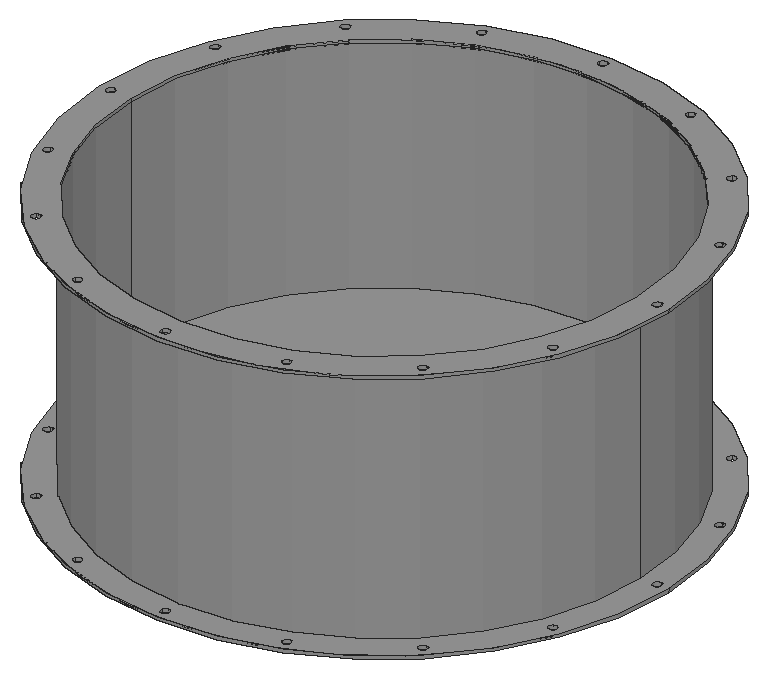
Revit family "КОМ-ВО", category Арматура воздуховодов, Revit 2021
Family settings
  Размер круглого соединителя = Использовать диаметр
  Тип детали = Присоединяется
  На основе рабочей плоскости = Нет
  Всегда вертикально = Да
  При загрузке вырезать с полостями = Нет
  Общий = Нет
Parameters (values of type "КОМ-ВО-900")
  Отметка по умолчанию = 0 mm
  Класифікація навантаження = "HVAC"
  Изготовитель = "Вентс"  # constant formula
  Діаметр = D2  # 1010 mm
  Довжина = L  # 450 mm
  Вага = 32.60 kg
  t = L - 5 mm  # 445 mm
  n = 16
  l = L / 2  # 225 mm
  d = 15 mm
  URL = "https://vents.ua/ua/series/kom-vo"
  R1 = D1 / 2  # 485 mm
  Матеріал зони обслуговуваня = none
  L = 450 mm
  Dy = 900 mm
  Dn = Dy + 10 mm  # 910 mm
  D2 = 1010 mm
  D1 = 970 mm
  Матеріал корпусу = Метал, пофарбований, синій, матовий RAL 5007
  09_Назва системи [instance] = ""
  00_20_Тип = "КОМ-ВО-900"
  00_20_Назва = "Зворотній клапан"
  00_20_Виробник = "Вентс"  # constant formula
Types (12, lengths in mm): name | Діаметр | Довжина | Вага | t | n | l | d | R1 | L | Dy | Dn | D2 | D1 | 00_20_Тип
  (no name) | 1010 | 450 | 32.60 kg | 445 | 16 | 225 | 15 | 485 | 450 | 900 | 910 | 1010 | 970 | "КОМ-ВО-900"
  КОМ-ВО-400 | 490 | 250 | 5.40 kg | 245 | 12 | 125 | 8 | 225 | 250 | 400 | 410 | 490 | 450 | "КОМ-ВО-400"
  КОМ-ВО-450 | 540 | 250 | 6.20 kg | 245 | 12 | 125 | 8 | 250 | 250 | 450 | 460 | 540 | 500 | "КОМ-ВО-450"
  КОМ-ВО-500 | 590 | 250 | 7.10 kg | 245 | 12 | 125 | 12 | 280 | 250 | 500 | 510 | 590 | 560 | "КОМ-ВО-500"
  КОМ-ВО-560 | 650 | 320 | 9.60 kg | 315 | 12 | 160 | 12 | 310 | 320 | 560 | 570 | 650 | 620 | "КОМ-ВО-560"
  КОМ-ВО-630 | 720 | 370 | 14.20 kg | 365 | 12 | 185 | 12 | 345 | 370 | 630 | 640 | 720 | 690 | "КОМ-ВО-630"
  КОМ-ВО-710 | 810 | 390 | 21.40 kg | 385 | 16 | 195 | 12 | 385 | 390 | 710 | 720 | 810 | 770 | "КОМ-ВО-710"
  КОМ-ВО-800 | 900 | 390 | 25.40 kg | 385 | 16 | 195 | 12 | 430 | 390 | 800 | 810 | 900 | 860 | "КОМ-ВО-800"
  КОМ-ВО-900 | 1010 | 450 | 32.60 kg | 445 | 16 | 225 | 15 | 485 | 450 | 900 | 910 | 1010 | 970 | "КОМ-ВО-900"
  КОМ-ВО-1000 | 1110 | 450 | 36.90 kg | 445 | 16 | 225 | 15 | 535 | 450 | 1000 | 1010 | 1110 | 1070 | "КОМ-ВО-1000"
  КОМ-ВО-1120 | 1260 | 540 | 59.50 kg | 535 | 20 | 270 | 15 | 595 | 540 | 1120 | 1130 | 1260 | 1190 | "КОМ-ВО-1120"
  КОМ-ВО-1250 | 1390 | 540 | 67.40 kg | 535 | 20 | 270 | 15 | 660 | 540 | 1250 | 1260 | 1390 | 1320 | "КОМ-ВО-1250"
Reference planes
  plane 1 "По центру (Вперед/Назад)": y = 0
  plane 2: z = 0
  plane 3 "По центру (Влево/Вправо)": x = 0
  plane 4: z = 450
  plane 5: z = 50
Forms (mm)
  Extrusion 1, solid, material "Метал, пофарбований, синій, матовий RAL 5007" <- "Матеріал корпусу"
    sketch origin (0, 0, 0) x (1, 0, 0) y (0, 1, 0)
      loop
        circle (0, 0) r 450
      loop
        circle (0, 0) r 505
    from 0 to 5
  Extrusion 2, void
    sketch origin (0, 263.787, 0) x (1, 0, 0) y (0, 1, 0)
      loop
        circle (0, 221.213) r 7.5
    from 0 to 5
  Extrusion 3, void
    sketch origin (100.947, 243.708, 0) x (0.92388, -0.382683, 0) y (0.382683, 0.92388, 0)
      loop
        circle (0, 221.213) r 7.5
    from 0 to 5
  Extrusion 4, void
    sketch origin (-100.947, 243.708, 0) x (0.92388, 0.382683, 0) y (-0.382683, 0.92388, 0)
      loop
        circle (0, 221.213) r 7.5
    from 0 to 5
  Extrusion 5, void
    sketch origin (-186.526, 186.526, 0) x (0.707107, 0.707107, 0) y (-0.707107, 0.707107, 0)
      loop
        circle (0, 221.213) r 7.5
    from 0 to 5
  Extrusion 6, void
    sketch origin (-243.708, 100.947, 0) x (0.382683, 0.92388, 0) y (-0.92388, 0.382683, 0)
      loop
        circle (0, 221.213) r 7.5
    from 0 to 5
  Extrusion 7, void
    sketch origin (-263.787, 0, 0) x (0, 1, 0) y (-1, 0, 0)
      loop
        circle (0, 221.213) r 7.5
    from 0 to 5
  Extrusion 8, void
    sketch origin (-243.708, -100.947, 0) x (-0.382683, 0.92388, 0) y (-0.92388, -0.382683, 0)
      loop
        circle (0, 221.213) r 7.5
    from 0 to 5
  Extrusion 9, void
    sketch origin (-186.526, -186.526, 0) x (-0.707107, 0.707107, 0) y (-0.707107, -0.707107, 0)
      loop
        circle (0, 221.213) r 7.5
    from 0 to 5
  Extrusion 10, void
    sketch origin (-100.947, -243.708, 0) x (-0.92388, 0.382683, 0) y (-0.382683, -0.92388, 0)
      loop
        circle (0, 221.213) r 7.5
    from 0 to 5
  Extrusion 11, void
    sketch origin (0, -263.787, 0) x (-1, 0, 0) y (0, -1, 0)
      loop
        circle (0, 221.213) r 7.5
    from 0 to 5
  Extrusion 12, void
    sketch origin (100.947, -243.708, 0) x (-0.92388, -0.382683, 0) y (0.382683, -0.92388, 0)
      loop
        circle (0, 221.213) r 7.5
    from 0 to 5
  Extrusion 13, void
    sketch origin (186.526, -186.526, 0) x (-0.707107, -0.707107, 0) y (0.707107, -0.707107, 0)
      loop
        circle (0, 221.213) r 7.5
    from 0 to 5
  Extrusion 14, solid, material "Метал, пофарбований, синій, матовий RAL 5007" <- "Матеріал корпусу"
    sketch origin (0, 0, 0) x (1, 0, 0) y (0, 1, 0)
      loop
        circle (0, 0) r 450
      loop
        circle (0, 0) r 455
    from 5 to 445 <- "t"
  Extrusion 15, solid, material "Метал, пофарбований, синій, матовий RAL 5007" <- "Матеріал корпусу"
    sketch origin (0, 0, 0) x (1, 0, 0) y (0, 1, 0)
      loop
        circle (0, 0) r 450
      loop
        circle (0, 0) r 505
    from 445 to 450
  Extrusion 16, void
    sketch origin (0, 263.053, 0) x (1, 0, 0) y (0, 1, 0)
      loop
        circle (0, 221.947) r 7.5
    from 445 <- "t" to 450 <- "L"
  Extrusion 17, void
    sketch origin (100.666, 243.03, 0) x (0.92388, -0.382683, 0) y (0.382683, 0.92388, 0)
      loop
        circle (0, 221.947) r 7.5
    from 445 <- "t" to 450 <- "L"
  Extrusion 18, void
    sketch origin (-100.666, 243.03, 0) x (0.92388, 0.382683, 0) y (-0.382683, 0.92388, 0)
      loop
        circle (0, 221.947) r 7.5
    from 445 <- "t" to 450 <- "L"
  Extrusion 19, void
    sketch origin (-186.007, 186.007, 0) x (0.707107, 0.707107, 0) y (-0.707107, 0.707107, 0)
      loop
        circle (0, 221.947) r 7.5
    from 445 <- "t" to 450 <- "L"
  Extrusion 20, void
    sketch origin (-243.03, 100.666, 0) x (0.382683, 0.92388, 0) y (-0.92388, 0.382683, 0)
      loop
        circle (0, 221.947) r 7.5
    from 445 <- "t" to 450 <- "L"
  Extrusion 21, void
    sketch origin (-263.053, 0, 0) x (0, 1, 0) y (-1, 0, 0)
      loop
        circle (0, 221.947) r 7.5
    from 445 <- "t" to 450 <- "L"
  Extrusion 22, void
    sketch origin (-243.03, -100.666, 0) x (-0.382683, 0.92388, 0) y (-0.92388, -0.382683, 0)
      loop
        circle (0, 221.947) r 7.5
    from 445 <- "t" to 450 <- "L"
  Extrusion 23, void
    sketch origin (-186.007, -186.007, 0) x (-0.707107, 0.707107, 0) y (-0.707107, -0.707107, 0)
      loop
        circle (0, 221.947) r 7.5
    from 445 <- "t" to 450 <- "L"
  Extrusion 24, void
    sketch origin (-100.666, -243.03, 0) x (-0.92388, 0.382683, 0) y (-0.382683, -0.92388, 0)
      loop
        circle (0, 221.947) r 7.5
    from 445 <- "t" to 450 <- "L"
  Extrusion 25, void
    sketch origin (0, -263.053, 0) x (-1, 0, 0) y (0, -1, 0)
      loop
        circle (0, 221.947) r 7.5
    from 445 <- "t" to 450 <- "L"
  Extrusion 26, void
    sketch origin (100.666, -243.03, 0) x (-0.92388, -0.382683, 0) y (0.382683, -0.92388, 0)
      loop
        circle (0, 221.947) r 7.5
    from 445 <- "t" to 450 <- "L"
  Extrusion 27, void
    sketch origin (186.007, -186.007, 0) x (-0.707107, -0.707107, 0) y (0.707107, -0.707107, 0)
      loop
        circle (0, 221.947) r 7.5
    from 445 <- "t" to 450 <- "L"
  Extrusion 28, void
    sketch origin (243.708, -100.947, 0) x (-0.382683, -0.92388, 0) y (0.92388, -0.382683, 0)
      loop
        circle (0, 221.213) r 7.5
    from 0 to 5
  Extrusion 29, void
    sketch origin (263.787, 0, 0) x (0, -1, 0) y (1, 0, 0)
      loop
        circle (0, 221.213) r 7.5
    from 0 to 5
  Extrusion 30, void
    sketch origin (243.708, 100.947, 0) x (0.382683, -0.92388, 0) y (0.92388, 0.382683, 0)
      loop
        circle (0, 221.213) r 7.5
    from 0 to 5
  Extrusion 31, void
    sketch origin (186.526, 186.526, 0) x (0.707107, -0.707107, 0) y (0.707107, 0.707107, 0)
      loop
        circle (0, 221.213) r 7.5
    from 0 to 5
  Extrusion 32, void
    sketch origin (243.03, -100.666, 0) x (-0.382683, -0.92388, 0) y (0.92388, -0.382683, 0)
      loop
        circle (0, 221.947) r 7.5
    from 445 <- "t" to 450 <- "L"
  Extrusion 33, void
    sketch origin (263.053, 0, 0) x (0, -1, 0) y (1, 0, 0)
      loop
        circle (0, 221.947) r 7.5
    from 445 <- "t" to 450 <- "L"
  Extrusion 34, void
    sketch origin (243.03, 100.666, 0) x (0.382683, -0.92388, 0) y (0.92388, 0.382683, 0)
      loop
        circle (0, 221.947) r 7.5
    from 445 <- "t" to 450 <- "L"
  Extrusion 35, void
    sketch origin (186.007, 186.007, 0) x (0.707107, -0.707107, 0) y (0.707107, 0.707107, 0)
      loop
        circle (0, 221.947) r 7.5
    from 445 <- "t" to 450 <- "L"
  Extrusion 36, solid, material "Метал, пофарбований, синій, матовий RAL 5007" <- "Матеріал корпусу"
    sketch origin (0, 0, 0) x (1, 0, 0) y (0, 1, 0)
      loop
        circle (0, 0) r 450
    from 50 to 55
Cuts and joins
  Extrusion 2, Extrusion 3, Extrusion 4, Extrusion 5, Extrusion 6, Extrusion 7, Extrusion 8, Extrusion 9, Extrusion 10, Extrusion 11, Extrusion 12, Extrusion 13, Extrusion 28, Extrusion 29, Extrusion 30, Extrusion 31 cuts Extrusion 1
  Extrusion 16, Extrusion 17, Extrusion 18, Extrusion 19, Extrusion 20, Extrusion 21, Extrusion 22, Extrusion 23, Extrusion 24, Extrusion 25, Extrusion 26, Extrusion 27, Extrusion 32, Extrusion 33, Extrusion 34, Extrusion 35 cuts Extrusion 15
Dimensions and locks
  "L": level to plane 4
  locked: Extrusion 1 to Extrusion 1 at 5
  locked: Extrusion 15 to Extrusion 15 at 5
  locked: plane 5 to level at 50
  locked: Extrusion 36 to plane 5 at 5
  "Dy": diameter of Extrusion 1 sketch curve
  "D2": diameter of Extrusion 1 sketch curve
  "d": diameter of Extrusion 2 sketch curve
  "d": diameter of Extrusion 3 sketch curve
  "d": diameter of Extrusion 4 sketch curve
  "d": diameter of Extrusion 5 sketch curve
  "d": diameter of Extrusion 6 sketch curve
  "d": diameter of Extrusion 7 sketch curve
  "d": diameter of Extrusion 8 sketch curve
  "d": diameter of Extrusion 9 sketch curve
  "d": diameter of Extrusion 10 sketch curve
  "d": diameter of Extrusion 11 sketch curve
  "d": diameter of Extrusion 12 sketch curve
  "d": diameter of Extrusion 13 sketch curve
  "R1": radius of radial array  (x2)
  "Dn": diameter of Extrusion 14 sketch curve
  "Dy": diameter of Extrusion 14 sketch curve
  "Dy": diameter of Extrusion 15 sketch curve
  "D2": diameter of Extrusion 15 sketch curve
  "d": diameter of Extrusion 16 sketch curve
  "d": diameter of Extrusion 17 sketch curve
  "d": diameter of Extrusion 18 sketch curve
  "d": diameter of Extrusion 19 sketch curve
  "d": diameter of Extrusion 20 sketch curve
  "d": diameter of Extrusion 21 sketch curve
  "d": diameter of Extrusion 22 sketch curve
  "d": diameter of Extrusion 23 sketch curve
  "d": diameter of Extrusion 24 sketch curve
  "d": diameter of Extrusion 25 sketch curve
  "d": diameter of Extrusion 26 sketch curve
  "d": diameter of Extrusion 27 sketch curve
  "d": diameter of Extrusion 28 sketch curve
  "d": diameter of Extrusion 29 sketch curve
  "d": diameter of Extrusion 30 sketch curve
  "d": diameter of Extrusion 31 sketch curve
  "d": diameter of Extrusion 32 sketch curve
  "d": diameter of Extrusion 33 sketch curve
  "d": diameter of Extrusion 34 sketch curve
  "d": diameter of Extrusion 35 sketch curve
  "Dy": diameter of Extrusion 36 sketch curve
  aligned and locked: level to plane 2
  aligned and locked: Extrusion 14 to cut or joined group 1 (Extrusion 1, Extrusion 2, Extrusion 3, Extrusion 4, Extrusion 5, Extrusion 6, Extrusion 7, Extrusion 8, Extrusion 9, Extrusion 10, Extrusion 11, Extrusion 12, Extrusion 13, Extrusion 28, Extrusion 29, Extrusion 30, Extrusion 31)
  aligned and locked: plane 4 to Extrusion 15
Automatic sketch dimensions
  Extrusion 1 sketch curve to Extrusion 1 sketch curve = 0 mm  (x2)
  plane 1 "По центру (Вперед/Назад)" to Extrusion 1 sketch curve = 0 mm
  Extrusion 1 sketch curve to plane 3 "По центру (Влево/Вправо)" = 0 mm
  Extrusion 14 sketch curve to Extrusion 14 sketch curve = 0 mm  (x2)
  plane 1 "По центру (Вперед/Назад)" to Extrusion 14 sketch curve = 0 mm
  Extrusion 14 sketch curve to plane 3 "По центру (Влево/Вправо)" = 0 mm
  Extrusion 15 sketch curve to Extrusion 15 sketch curve = 0 mm  (x2)
  plane 1 "По центру (Вперед/Назад)" to Extrusion 15 sketch curve = 0 mm
  Extrusion 15 sketch curve to plane 3 "По центру (Влево/Вправо)" = 0 mm
  plane 1 "По центру (Вперед/Назад)" to Extrusion 36 sketch curve = 0 mm
  Extrusion 36 sketch curve to plane 3 "По центру (Влево/Вправо)" = 0 mm
Connectors
  hvac at (0, 0, 450), driven by "Dy"
    settings: on cut or joined group of Extrusion 15, Extrusion 16, Extrusion 17, Extrusion 18, Extrusion 19, Extrusion 20, Extrusion 21, Extrusion 22, Extrusion 23, Extrusion 24, Extrusion 25, Extrusion 26, Extrusion 27, Extrusion 32, Extrusion 33, Extrusion 34, Extrusion 35, index 1, duct flow 0.0 L/s, flow factor 0, pres drop 0.0 Pa, loss coef 0, conn angle 0.00°, conn width 304.8 mm, conn height 304.8 mm, conn diameter 900 mm, duct sys type 3, conn prof type 0, flow config 0, flow direction 0, loss method 0, conn ref index -1, conn util no, is conn primary yes, conn desc ""
  hvac at (0, 0, 0), driven by "Dy"
    settings: on cut or joined group 1, index 2, duct flow 0.0 L/s, flow factor 0, pres drop 0.0 Pa, loss coef 0, conn angle 0.00°, conn width 304.8 mm, conn height 304.8 mm, conn diameter 900 mm, duct sys type 3, conn prof type 0, flow config 0, flow direction 0, loss method 0, conn ref index -1, conn util no, is conn primary no, conn desc ""
